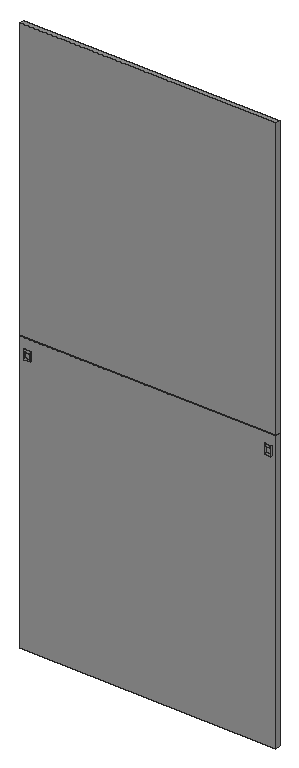
Revit family "ITK by ZPAS_ Панель боковая 2 секции_ 42U-47U", category Обобщенные модели, Revit 2019
Family settings
  Может служить основой для арматурных стержней = Нет
  Размер круглого соединителя = Использовать диаметр
  Тип детали = Нормальный
  На основе рабочей плоскости = Нет
  Всегда вертикально = Да
  При загрузке вырезать с полостями = Нет
  Общий = Нет
  Точка расчета площади = Нет
Parameters (values of type "В2190хШ1000хГ18хСерая")
  Ширина = 1000 mm
  Установочная глубина для монтажа шкафа = 1000 mm
  Степень защиты = ""
  Материал = Окраска - RAL 7035
  Изготовитель = "ITK"  # constant formula
  Дата изменения = ""
  Тип монтажа = ""  # constant formula
  Глубина = 18 mm
  Высота = 2190 mm
  URL = "https://www.iek.ru/"
  KSI_CPr_Строительные изделия = "61.1.04.08"  # constant formula
  KSI_CMa_Строительные материалы = "10.03.02.06"  # constant formula
  IEK_Цена за единицу = 22036.07
  IEK_Поиск в таблице имен = ""
  IEK_Описание = "Удобный доступ к оборудованию благодаря боковым панелям, состоящим из 2 секций. Доступны в двух вариантах, отличающихся глубиной. Боковые панели типа A (мелкие): - позволяют открывать дверь под углом до 270 градусов; - увеличивают общую ширину шкафа на 3 мм с каждой стороны. Боковые панели типа B (глубокие): - обеспечивают необходимое монтажное пространство в шкафах шириной 600 мм для установки блоков розеток между боковой панелью и вертикальным монтажным профилем; - увеличивают общую ширину шкафа на 11 мм с каждой стороны."
  IEK_URL = "https://www.itk-group.ru/produktsiya/catalog/oborudovanie_telekommunikatsionnoe/kompleksnye_resheniya_dlya_tsod/shkafy_i_aksessuary_dlya_tsod/komplektuyushchie_i_aksessuary_dlya_shkafov_itk_by_zpas/paneli_peregorodki_itk_by_zpas/itk_by_zpas_panel_bokovaya_2_sektsii_47u_tip_b_1000mm_seraya"
  ADSK_Примечание = ""
  ADSK_Позиция [instance] = ""
  ADSK_Наименование = "ITK by ZPAS Панель боковая 2 секции 47U тип B 1000 серая"
  ADSK_Материал обозначение = ""
  ADSK_Материал наименование = "Листовая сталь"  # constant formula
  ADSK_Масса = 22.7
  ADSK_Марка = "by ZPAS"  # constant formula
  ADSK_Код изделия = "ZP-SP35-47U-B-1000"
  ADSK_Завод-изготовитель = "IEK"  # constant formula
  ADSK_Единица измерения = "компл"  # constant formula
  ADSK_Группирование = "I. ЩИТЫ И ПУЛЬТЫ"  # constant formula
  ADSK_Версия семейства = "1.0"  # constant formula
  ADSK_Версия Revit = "2019"  # constant formula
  ADSK_URL страницы изделия = "https://www.itk-group.ru/produktsiya/catalog/oborudovanie_telekommunikatsionnoe/kompleksnye_resheniya_dlya_tsod/shkafy_i_aksessuary_dlya_tsod/komplektuyushchie_i_aksessuary_dlya_shkafov_itk_by_zpas/paneli_peregorodki_itk_by_zpas/?pagec=100"
Types (24, lengths in mm): name | Ширина | Установочная глубина для монтажа шкафа | Материал | Глубина | Высота | IEK_Цена за единицу | IEK_URL | ADSK_Наименование | ADSK_Масса | ADSK_Код изделия
  В1990хШ1000хГ10хЧерная | 1000 | 1000 | Окраска - RAL 9005 | 10 | 1990 | 21219.08 | "https://www.itk-group.ru/produktsiya/catalog/oborudovanie_telekommunikatsionnoe/kompleksnye_resheniya_dlya_tsod/shkafy_i_aksessuary_dlya_tsod/komplektuyushchie_i_aksessuary_dlya_shkafov_itk_by_zpas/paneli_peregorodki_itk_by_zpas/itk_by_zpas_panel_bokovaya_2_sektsii_42u_tip_a_1000mm_chernaya" | "ITK by ZPAS Панель боковая 2 секции 42U тип A 1000 черная" | 22 | "ZP-SP05-42U-A-1000"
  В1990хШ1200хГ10хЧерная | 1200 | 1200 | Окраска - RAL 9005 | 10 | 1990 | 23919.29 | "https://www.itk-group.ru/produktsiya/catalog/oborudovanie_telekommunikatsionnoe/kompleksnye_resheniya_dlya_tsod/shkafy_i_aksessuary_dlya_tsod/komplektuyushchie_i_aksessuary_dlya_shkafov_itk_by_zpas/paneli_peregorodki_itk_by_zpas/itk_by_zpas_panel_bokovaya_2_sektsii_42u_tip_a_1200mm_chernaya" | "ITK by ZPAS Панель боковая 2 секции 42U тип A 1200 черная" | 23 | "ZP-SP05-42U-A-1200"
  В1990хШ1000хГ18хЧерная | 1000 | 1000 | Окраска - RAL 9005 | 18 | 1990 | 21333.11 | "https://www.itk-group.ru/produktsiya/catalog/oborudovanie_telekommunikatsionnoe/kompleksnye_resheniya_dlya_tsod/shkafy_i_aksessuary_dlya_tsod/komplektuyushchie_i_aksessuary_dlya_shkafov_itk_by_zpas/paneli_peregorodki_itk_by_zpas/itk_by_zpas_panel_bokovaya_2_sektsii_42u_tip_b_1000mm_chernaya" | "ITK by ZPAS Панель боковая 2 секции 42U тип B 1000 черная" | 21.7 | "ZP-SP05-42U-B-1000"
  В1990хШ1200хГ18хЧерная | 1200 | 1200 | Окраска - RAL 9005 | 18 | 1990 | 23971.76 | "https://www.itk-group.ru/produktsiya/catalog/oborudovanie_telekommunikatsionnoe/kompleksnye_resheniya_dlya_tsod/shkafy_i_aksessuary_dlya_tsod/komplektuyushchie_i_aksessuary_dlya_shkafov_itk_by_zpas/paneli_peregorodki_itk_by_zpas/itk_by_zpas_panel_bokovaya_2_sektsii_42u_tip_b_1200mm_chernaya" | "ITK by ZPAS Панель боковая 2 секции 42U тип B 1200 черная" | 25 | "ZP-SP05-42U-B-1200"
  В2110хШ1000хГ10хЧерная | 1000 | 1000 | Окраска - RAL 9005 | 10 | 2110 | 21582.28 | "https://www.itk-group.ru/produktsiya/catalog/oborudovanie_telekommunikatsionnoe/kompleksnye_resheniya_dlya_tsod/shkafy_i_aksessuary_dlya_tsod/komplektuyushchie_i_aksessuary_dlya_shkafov_itk_by_zpas/paneli_peregorodki_itk_by_zpas/itk_by_zpas_panel_bokovaya_2_sektsii_45u_tip_a_1000mm_chernaya" | "ITK by ZPAS Панель боковая 2 секции 45U тип A 1000 черная" | 22.5 | "ZP-SP05-45U-A-1000"
  В2110хШ1200хГ10хЧерная | 1200 | 1200 | Окраска - RAL 9005 | 10 | 2110 | 24849.44 | "https://www.itk-group.ru/produktsiya/catalog/oborudovanie_telekommunikatsionnoe/kompleksnye_resheniya_dlya_tsod/shkafy_i_aksessuary_dlya_tsod/komplektuyushchie_i_aksessuary_dlya_shkafov_itk_by_zpas/paneli_peregorodki_itk_by_zpas/itk_by_zpas_panel_bokovaya_2_sektsii_45u_tip_a_1200mm_chernaya" | "ITK by ZPAS Панель боковая 2 секции 45U тип A 1200 черная" | 25 | "ZP-SP05-45U-A-1200"
  В2110хШ1000хГ18хЧерная | 1000 | 1000 | Окраска - RAL 9005 | 18 | 2110 | 21582.28 | "https://www.itk-group.ru/produktsiya/catalog/oborudovanie_telekommunikatsionnoe/kompleksnye_resheniya_dlya_tsod/shkafy_i_aksessuary_dlya_tsod/komplektuyushchie_i_aksessuary_dlya_shkafov_itk_by_zpas/paneli_peregorodki_itk_by_zpas/itk_by_zpas_panel_bokovaya_2_sektsii_45u_tip_b_1000mm_chernaya" | "ITK by ZPAS Панель боковая 2 секции 45U тип B 1000 черная" | 22 | "ZP-SP05-45U-B-1000"
  В2110хШ1200хГ18хЧерная | 1200 | 1200 | Окраска - RAL 9005 | 18 | 2110 | 24849.44 | "https://www.itk-group.ru/produktsiya/catalog/oborudovanie_telekommunikatsionnoe/kompleksnye_resheniya_dlya_tsod/shkafy_i_aksessuary_dlya_tsod/komplektuyushchie_i_aksessuary_dlya_shkafov_itk_by_zpas/paneli_peregorodki_itk_by_zpas/itk_by_zpas_panel_bokovaya_2_sektsii_45u_tip_b_1200mm_chernaya" | "ITK by ZPAS Панель боковая 2 секции 45U тип B 1200 черная" | 25.5 | "ZP-SP05-45U-B-1200"
  В2190хШ1000хГ10хЧерная | 1000 | 1000 | Окраска - RAL 9005 | 10 | 2190 | 22350.22 | "https://www.itk-group.ru/produktsiya/catalog/oborudovanie_telekommunikatsionnoe/kompleksnye_resheniya_dlya_tsod/shkafy_i_aksessuary_dlya_tsod/komplektuyushchie_i_aksessuary_dlya_shkafov_itk_by_zpas/paneli_peregorodki_itk_by_zpas/itk_by_zpas_panel_bokovaya_2_sektsii_47u_tip_a_1000mm_chernaya" | "ITK by ZPAS Панель боковая 2 секции 47U тип A 1000 черная" | 22.7 | "ZP-SP05-47U-A-1000"
  В2190хШ1200хГ10хЧерная | 1200 | 1200 | Окраска - RAL 9005 | 10 | 2190 | 25827.97 | "https://www.itk-group.ru/produktsiya/catalog/oborudovanie_telekommunikatsionnoe/kompleksnye_resheniya_dlya_tsod/shkafy_i_aksessuary_dlya_tsod/komplektuyushchie_i_aksessuary_dlya_shkafov_itk_by_zpas/paneli_peregorodki_itk_by_zpas/itk_by_zpas_panel_bokovaya_2_sektsii_47u_tip_a_1200mm_chernaya" | "ITK by ZPAS Панель боковая 2 секции 47U тип A 1200 черная" | 27 | "ZP-SP05-47U-A-1200"
  В2190хШ1000хГ18хЧерная | 1000 | 1000 | Окраска - RAL 9005 | 18 | 2190 | 22036.07 | "https://www.itk-group.ru/produktsiya/catalog/oborudovanie_telekommunikatsionnoe/kompleksnye_resheniya_dlya_tsod/shkafy_i_aksessuary_dlya_tsod/komplektuyushchie_i_aksessuary_dlya_shkafov_itk_by_zpas/paneli_peregorodki_itk_by_zpas/itk_by_zpas_panel_bokovaya_2_sektsii_47u_tip_b_1000mm_chernaya" | "ITK by ZPAS Панель боковая 2 секции 47U тип B 1000 черная" | 22.7 | "ZP-SP05-47U-B-1000"
  В2190хШ1200хГ18хЧерная | 1200 | 1200 | Окраска - RAL 9005 | 18 | 2190 | 25745.41 | "https://www.itk-group.ru/produktsiya/catalog/oborudovanie_telekommunikatsionnoe/kompleksnye_resheniya_dlya_tsod/shkafy_i_aksessuary_dlya_tsod/komplektuyushchie_i_aksessuary_dlya_shkafov_itk_by_zpas/paneli_peregorodki_itk_by_zpas/itk_by_zpas_panel_bokovaya_2_sektsii_47u_tip_b_1200mm_chernaya" | "ITK by ZPAS Панель боковая 2 секции 47U тип B 1200 черная" | 26 | "ZP-SP05-47U-B-1200"
  В1990хШ1000хГ10хСерая | 1000 | 1000 | Окраска - RAL 7035 | 10 | 1990 | 21146.64 | "https://www.itk-group.ru/produktsiya/catalog/oborudovanie_telekommunikatsionnoe/kompleksnye_resheniya_dlya_tsod/shkafy_i_aksessuary_dlya_tsod/komplektuyushchie_i_aksessuary_dlya_shkafov_itk_by_zpas/paneli_peregorodki_itk_by_zpas/itk_by_zpas_panel_bokovaya_2_sektsii_42u_tip_a_1000mm_seraya" | "ITK by ZPAS Панель боковая 2 секции 42U тип A 1000 серая" | 22 | "ZP-SP35-42U-A-1000"
  В1990хШ1200хГ10хСерая | 1200 | 1200 | Окраска - RAL 7035 | 10 | 1990 | 23919.29 | "https://www.itk-group.ru/produktsiya/catalog/oborudovanie_telekommunikatsionnoe/kompleksnye_resheniya_dlya_tsod/shkafy_i_aksessuary_dlya_tsod/komplektuyushchie_i_aksessuary_dlya_shkafov_itk_by_zpas/paneli_peregorodki_itk_by_zpas/itk_by_zpas_panel_bokovaya_2_sektsii_42u_tip_a_1200mm_seraya" | "ITK by ZPAS Панель боковая 2 секции 42U тип A 1200 серая" | 23 | "ZP-SP35-42U-A-1200"
  В1990хШ1000хГ18хСерая | 1000 | 1000 | Окраска - RAL 7035 | 18 | 1990 | 21333.11 | "https://www.itk-group.ru/produktsiya/catalog/oborudovanie_telekommunikatsionnoe/kompleksnye_resheniya_dlya_tsod/shkafy_i_aksessuary_dlya_tsod/komplektuyushchie_i_aksessuary_dlya_shkafov_itk_by_zpas/paneli_peregorodki_itk_by_zpas/itk_by_zpas_panel_bokovaya_2_sektsii_42u_tip_b_1000mm_seraya" | "ITK by ZPAS Панель боковая 2 секции 42U тип B 1000 серая" | 21.7 | "ZP-SP35-42U-B-1000"
  В1990хШ1200хГ18хСерая | 1200 | 1200 | Окраска - RAL 7035 | 18 | 1990 | 23971.76 | "https://www.itk-group.ru/produktsiya/catalog/oborudovanie_telekommunikatsionnoe/kompleksnye_resheniya_dlya_tsod/shkafy_i_aksessuary_dlya_tsod/komplektuyushchie_i_aksessuary_dlya_shkafov_itk_by_zpas/paneli_peregorodki_itk_by_zpas/itk_by_zpas_panel_bokovaya_2_sektsii_42u_tip_b_1200mm_seraya" | "ITK by ZPAS Панель боковая 2 секции 42U тип B 1200 серая" | 25 | "ZP-SP35-42U-B-1200"
  В2110хШ1000хГ10хСерая | 1000 | 1000 | Окраска - RAL 7035 | 10 | 2110 | 21582.28 | "https://www.itk-group.ru/produktsiya/catalog/oborudovanie_telekommunikatsionnoe/kompleksnye_resheniya_dlya_tsod/shkafy_i_aksessuary_dlya_tsod/komplektuyushchie_i_aksessuary_dlya_shkafov_itk_by_zpas/paneli_peregorodki_itk_by_zpas/itk_by_zpas_panel_bokovaya_2_sektsii_45u_tip_a_1000mm_seraya" | "ITK by ZPAS Панель боковая 2 секции 45U тип A 1000 серая" | 22.5 | "ZP-SP35-45U-A-1000"
  В2110хШ1200хГ10хСерая | 1200 | 1200 | Окраска - RAL 7035 | 10 | 2110 | 24849.44 | "https://www.itk-group.ru/produktsiya/catalog/oborudovanie_telekommunikatsionnoe/kompleksnye_resheniya_dlya_tsod/shkafy_i_aksessuary_dlya_tsod/komplektuyushchie_i_aksessuary_dlya_shkafov_itk_by_zpas/paneli_peregorodki_itk_by_zpas/itk_by_zpas_panel_bokovaya_2_sektsii_45u_tip_a_1200mm_seraya" | "ITK by ZPAS Панель боковая 2 секции 45U тип A 1200 серая" | 25 | "ZP-SP35-45U-A-1200"
  В2110хШ1000хГ18хСерая | 1000 | 1000 | Окраска - RAL 7035 | 18 | 2110 | 21582.28 | "https://www.itk-group.ru/produktsiya/catalog/oborudovanie_telekommunikatsionnoe/kompleksnye_resheniya_dlya_tsod/shkafy_i_aksessuary_dlya_tsod/komplektuyushchie_i_aksessuary_dlya_shkafov_itk_by_zpas/paneli_peregorodki_itk_by_zpas/itk_by_zpas_panel_bokovaya_2_sektsii_45u_tip_b_1000mm_seraya" | "ITK by ZPAS Панель боковая 2 секции 45U тип B 1000 серая" | 22 | "ZP-SP35-45U-B-1000"
  В2110хШ1200хГ18хСерая | 1200 | 1200 | Окраска - RAL 7035 | 18 | 2110 | 24849.44 | "https://www.itk-group.ru/produktsiya/catalog/oborudovanie_telekommunikatsionnoe/kompleksnye_resheniya_dlya_tsod/shkafy_i_aksessuary_dlya_tsod/komplektuyushchie_i_aksessuary_dlya_shkafov_itk_by_zpas/paneli_peregorodki_itk_by_zpas/itk_by_zpas_panel_bokovaya_2_sektsii_45u_tip_b_1200mm_seraya" | "ITK by ZPAS Панель боковая 2 секции 45U тип B 1200 серая" | 25.5 | "ZP-SP35-45U-B-1200"
  В2190хШ1000хГ10хСерая | 1000 | 1000 | Окраска - RAL 7035 | 10 | 2190 | 22350.22 | "https://www.itk-group.ru/produktsiya/catalog/oborudovanie_telekommunikatsionnoe/kompleksnye_resheniya_dlya_tsod/shkafy_i_aksessuary_dlya_tsod/komplektuyushchie_i_aksessuary_dlya_shkafov_itk_by_zpas/paneli_peregorodki_itk_by_zpas/itk_by_zpas_panel_bokovaya_2_sektsii_47u_tip_a_1000mm_seraya" | "ITK by ZPAS Панель боковая 2 секции 47U тип A 1000 серая" | 22.7 | "ZP-SP35-47U-A-1000"
  В2190хШ1200хГ10хСерая | 1200 | 1200 | Окраска - RAL 7035 | 10 | 2190 | 25827.97 | "https://www.itk-group.ru/produktsiya/catalog/oborudovanie_telekommunikatsionnoe/kompleksnye_resheniya_dlya_tsod/shkafy_i_aksessuary_dlya_tsod/komplektuyushchie_i_aksessuary_dlya_shkafov_itk_by_zpas/paneli_peregorodki_itk_by_zpas/itk_by_zpas_panel_bokovaya_2_sektsii_47u_tip_a_1200mm_seraya" | "ITK by ZPAS Панель боковая 2 секции 47U тип A 1200 серая" | 27 | "ZP-SP35-47U-A-1200"
  В2190хШ1000хГ18хСерая | 1000 | 1000 | Окраска - RAL 7035 | 18 | 2190 | 22036.07 | "https://www.itk-group.ru/produktsiya/catalog/oborudovanie_telekommunikatsionnoe/kompleksnye_resheniya_dlya_tsod/shkafy_i_aksessuary_dlya_tsod/komplektuyushchie_i_aksessuary_dlya_shkafov_itk_by_zpas/paneli_peregorodki_itk_by_zpas/itk_by_zpas_panel_bokovaya_2_sektsii_47u_tip_b_1000mm_seraya" | "ITK by ZPAS Панель боковая 2 секции 47U тип B 1000 серая" | 22.7 | "ZP-SP35-47U-B-1000"
  В2190хШ1200хГ18хСерая | 1200 | 1200 | Окраска - RAL 7035 | 18 | 2190 | 25745.41 | "https://www.itk-group.ru/produktsiya/catalog/oborudovanie_telekommunikatsionnoe/kompleksnye_resheniya_dlya_tsod/shkafy_i_aksessuary_dlya_tsod/komplektuyushchie_i_aksessuary_dlya_shkafov_itk_by_zpas/paneli_peregorodki_itk_by_zpas/itk_by_zpas_panel_bokovaya_2_sektsii_47u_tip_b_1200mm_seraya" | "ITK by ZPAS Панель боковая 2 секции 47U тип B 1200 серая" | 26 | "ZP-SP35-47U-B-1200"
Reference planes
  plane 1 "По центру (Вперед/Назад)": y = 0
  plane 2: z = 0
  plane 3 "По центру (Влево/Вправо)": x = 0
  plane 4: z = 1095
  plane 5: z = 2190
  plane 6: x = -500
  plane 7: x = 500
  plane 8: z = 1035
  plane 9: x = -470
  plane 10: x = 470
  plane 11: y = -18
Forms (mm)
  Extrusion 1, solid, material "Окраска - RAL 7035" <- "Материал", detail levels fine
    sketch origin (0, 0, 0) x (0, 1, 0) y (0, 0, 1)
      loop
        line (0, 2190) -> (-18, 2190) -> (-18, 1096) -> (-0.42, 1096) -> (-0.42, 1094) -> (-18, 1094) -> (-18, 0) -> (0, 0) -> (0, 2190)
    from -500 to 500
  Extrusion 2, solid, material "Условный материал-отделка", detail levels coarse+medium
    sketch origin (0, 0, 0) x (1, 0, 0) y (0, 1, 0)
      loop
        line (-500, 0) -> (-500, -18) -> (500, -18) -> (500, 0) -> (-500, 0)
    from 0 to 2190 <- "Высота"
Dimensions and locks
  locked: Extrusion 1 sketch curve to plane 4 at 1  (x2)
  equal spacing: plane 5, plane 4, level
  "Высота": plane 5 to level
  equal spacing: plane 7, plane 3 "По центру (Влево/Вправо)", plane 6
  "Ширина": plane 7 to plane 6
  locked: plane 9 to plane 6 at 30
  locked: plane 10 to plane 7 at 30
  locked: plane 4 to plane 8 at 60
  "Глубина": plane 11 to plane 1 "По центру (Вперед/Назад)"
  aligned and locked: level to plane 2
  aligned and locked: plane 5 to Extrusion 1
  aligned and locked: Extrusion 1 to plane 6
  aligned and locked: plane 7 to Extrusion 1
  aligned and locked: Extrusion 2 sketch curve to plane 7
  aligned and locked: plane 6 to Extrusion 2 sketch curve
  aligned and locked: plane 9 to nested 1
  aligned and locked: nested 1 to plane 8
  aligned and locked: nested 2 to plane 8
  aligned and locked: nested 2 to plane 10
  aligned and locked: Extrusion 2 to plane 11
  aligned and locked: Extrusion 1 to plane 11  (x2)
Automatic sketch dimensions
  Extrusion 1 sketch curve to plane 5 = 0 mm
  Extrusion 1 sketch curve to level = 0 mm
  Extrusion 1 sketch curve to plane 1 "По центру (Вперед/Назад)" = 0 mm
  plane 1 "По центру (Вперед/Назад)" to Extrusion 1 sketch curve = 0.42 mm
  Extrusion 1 sketch curve to Extrusion 1 sketch curve = 17.58 mm
  plane 1 "По центру (Вперед/Назад)" to Extrusion 1 sketch curve = 18 mm
  plane 1 "По центру (Вперед/Назад)" to Extrusion 2 sketch curve = 0 mm
  plane 1 "По центру (Вперед/Назад)" to Extrusion 2 sketch curve = 18 mm
Nested families
  nested 1: "Замок_защелка_ITK" at (-470, -18, 1035) x (1, 0, 0) z (0, -1, 0), type "Замок_защелка_ITK", detail levels fine
  nested 2: "Замок_защелка_ITK" at (470, -18, 1035) x (1, 0, 0) z (0, -1, 0), type "Замок_защелка_ITK", detail levels fine
Definition of nested family "Замок_защелка_ITK"
  Parameters (values of type "Замок_защелка_ITK")
    Default Elevation = 1219.2 mm
    Материал = none
  Reference planes
    plane 1 "По центру (Вперед/Назад)": y = 0
    plane 2: z = 0
    plane 3 "По центру (Влево/Вправо)": x = 0
  Forms (mm)
    Extrusion 1, solid
      sketch origin (0, 0, 0) x (1, 0, 0) y (0, 1, 0)
        loop
          line (-1219.2, 1219.2) -> (-1219.2, -1219.2) -> (1219.2, -1219.2) -> (1219.2, 1219.2) -> (-1219.2, 1219.2)
      from 0 to -304.8
    Extrusion 2, solid
      sketch origin (0, 0, 0) x (1, 0, 0) y (0, 1, 0)
        loop
          line (11.75, 18.75) -> (-11.75, 18.75)
          arc (-11.75, 18.75) -> (-12.457, 18.457) -> (-12.75, 17.75) r 1
          line (-12.75, 17.75) -> (-12.75, -17.75)
          arc (-12.75, -17.75) -> (-12.457, -18.457) -> (-11.75, -18.75) r 1
          line (-11.75, -18.75) -> (11.75, -18.75)
          arc (11.75, -18.75) -> (12.457, -18.457) -> (12.75, -17.75) r 1
          line (12.75, -17.75) -> (12.75, 17.75)
          arc (12.75, 17.75) -> (12.457, 18.457) -> (11.75, 18.75) r 1
        loop
          line (9.976, 10.75) -> (-9.976, 10.75) -> (-9.976, -9.743)
          arc (-9.976, -9.743) -> (0, -12.25) -> (9.976, -9.743) r 21.1
          line (9.976, -9.743) -> (9.976, 10.75)
      from 0 to 2
    Extrusion 3, solid
      sketch origin (0, 0, 0) x (1, 0, 0) y (0, 1, 0)
        loop
          arc (-9.976, -9.743) -> (0, -12.25) -> (9.976, -9.743) r 21.1
          line (9.976, -9.743) -> (9.976, 10.75) -> (-9.976, 10.75) -> (-9.976, -9.743)
      from 0 to 1
  Dimensions and locks
    aligned and locked: plane 2 to Extrusion 1
    aligned and locked: level to Extrusion 1
    aligned and locked: Extrusion 3 sketch curve to Extrusion 2  (x4)
